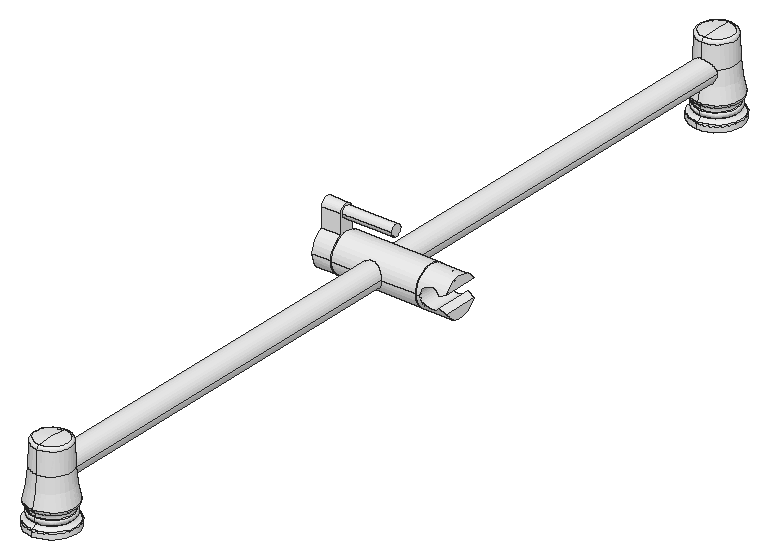
Revit family "Slide_Bar-American_Standard-Delancey-1660773_Series", category Plumbing Fixtures, host Face, Revit 2014
Parameters (values of type "1660773.002")
  Width = 4 13/16"  # constant formula
  Waste Connection = no
  Warranty Information = "Limited Lifetime Function and Finish Warranty"  # constant formula
  WFU = 4  # constant formula
  Vent Connection = no
  URL = "https://www.americanstandard-us.com/"
  Type Comments = ""
  Product Page URL = ""
  Product Documentation Link = ""
  Price = "Prices may vary. Please consult Manufacturer Representative for most up-to-date price list."  # constant formula
  Model = "1660773.002"
  Material = "Metal-American Standard-002-Polished Chrome"
  Manufacturer = "American Standard"  # constant formula
  Length = 2 7/8"  # constant formula
  Installation Type = "Wall Mounted"  # constant formula
  Height = 30 1/8"  # constant formula
  HWFU = 3  # constant formula
  HW Connection = yes
  Finish = Metal-American Standard-002-Polished Chrome
  Description = "Delancey Slide Bar"
  Default Elevation = 68"  # constant formula
  Creation Date = "02/13/2019"  # constant formula
  CWFU = 3  # constant formula
  CW Connection = yes
  Assembly Code = "D2020300"
  ADA Compliant = yes
Types (5): name | Model | Material | Finish
  (no name) | "1660773.002" | "Metal-American Standard-002-Polished Chrome" | Metal-American Standard-002-Polished Chrome
  1660773.002 | "1660773.002" | "Metal-American Standard-002-Polished Chrome" | Metal-American Standard-002-Polished Chrome
  1660773.013 | "1660773.013" | "Metal-American Standard-013-Polished Nickel" | Metal-American Standard-013-Polished Nickel
  1660773.295 | "1660773.295" | "Metal-American Standard-295-Brushed Nickel" | Metal-American Standard-295-Brushed Nickel
  1660773.278 | "1660773.278" | "Metal-American Standard-278-Legacy Bronze" | Metal-American Standard-278-Legacy Bronze
Reference planes (in)
  plane 1 "Center (Front/Back)": y = 0
  plane 2: z = 0
  plane 3 "Center (Left/Right)": x = 0
  plane 4: y = 15.0625
  plane 5: y = -15.0625
  plane 6: z = 2.875
  plane 7: x = -2.0625
  plane 8: z = 1.75
  plane 9: x = 2.75
Forms (in)
  Revolve 1, solid, material "Metal-American Standard-002-Polished Chrome" <- "Finish"
    sketch origin (0, 0, 0) x (0, 1, 0) y (0, 0, 1)
      loop
        line (15.0625, 0) -> (15.95567, 0) -> (15.95567, 0.18524)
        arc (15.95567, 0.18524) -> (15.94998, 0.20013) -> (15.93582, 0.20746) r 0.02236
        arc (15.93582, 0.20746) -> (15.83284, 0.25598) -> (15.7808, 0.35722) r 0.17678
        arc (15.7808, 0.35722) -> (15.78384, 0.37646) -> (15.79731, 0.39052) r 0.03256
        arc (15.79731, 0.39052) -> (15.83995, 0.46278) -> (15.79707, 0.5349) r 0.08232
        arc (15.79707, 0.5349) -> (15.78348, 0.54841) -> (15.77924, 0.5671) r 0.03435
        arc (15.77924, 0.5671) -> (15.80977, 0.67733) -> (15.88273, 0.76543) r 0.27349
        arc (15.88273, 0.76543) -> (15.90235, 0.79363) -> (15.90303, 0.82797) r 0.05924
        arc (15.90303, 0.82797) -> (15.78731, 1.36679) -> (15.74018, 1.91588) r 4.37988
        line (15.74018, 1.91588) -> (15.72208, 2.71405)
        arc (15.72208, 2.71405) -> (15.6948, 2.78554) -> (15.62849, 2.82373) r 0.11412
        arc (15.62849, 2.82373) -> (15.34666, 2.86216) -> (15.0625, 2.875) r 3.14988
        line (15.0625, 2.875) -> (15.0625, 0)
      axis (15.0625, 2.875) -> (15.0625, 0)
    angle from 0 to 360
  Revolve 2, solid, material "Metal-American Standard-002-Polished Chrome" <- "Finish"
    sketch origin (0, 0, 0) x (0, -1, 0) y (0, 0, 1)
      loop
        line (15.0625, 0) -> (15.95567, 0) -> (15.95567, 0.18524)
        arc (15.95567, 0.18524) -> (15.94998, 0.20013) -> (15.93582, 0.20746) r 0.02236
        arc (15.93582, 0.20746) -> (15.83284, 0.25598) -> (15.7808, 0.35722) r 0.17678
        arc (15.7808, 0.35722) -> (15.78384, 0.37646) -> (15.79731, 0.39052) r 0.03256
        arc (15.79731, 0.39052) -> (15.83995, 0.46278) -> (15.79707, 0.5349) r 0.08232
        arc (15.79707, 0.5349) -> (15.78348, 0.54841) -> (15.77924, 0.5671) r 0.03435
        arc (15.77924, 0.5671) -> (15.80977, 0.67733) -> (15.88273, 0.76543) r 0.27349
        arc (15.88273, 0.76543) -> (15.90235, 0.79363) -> (15.90303, 0.82797) r 0.05924
        arc (15.90303, 0.82797) -> (15.78731, 1.36679) -> (15.74018, 1.91588) r 4.37988
        line (15.74018, 1.91588) -> (15.72208, 2.71405)
        arc (15.72208, 2.71405) -> (15.6948, 2.78554) -> (15.62849, 2.82373) r 0.11412
        arc (15.62849, 2.82373) -> (15.34666, 2.86216) -> (15.0625, 2.875) r 3.14988
        line (15.0625, 2.875) -> (15.0625, 0)
      axis (15.0625, 2.875) -> (15.0625, 0)
    angle from 0 to 360
  Extrusion 3, solid, material "Metal-American Standard-002-Polished Chrome" <- "Finish"
    sketch origin (0, 0, 0) x (1, 0, 0) y (0, 0, 1)
      loop
        circle (0, 1.75) r 0.43048
    from -15.0625 to 15.0625
  Extrusion 4, solid, material "Metal-American Standard-002-Polished Chrome" <- "Finish"
    sketch origin (0, 0, 0) x (0, 1, 0) y (0, 0, 1)
      loop
        line (0.25, 1.75) -> (0.25, 3.07654)
        arc (0.25, 3.07654) -> (0, 3.32654) -> (-0.25, 3.07654) r 0.25
        line (-0.25, 3.07654) -> (-0.25, 1.75) -> (0.25, 1.75)
    from -2.0625 to -1.38015
  Extrusion 5, solid, material "Metal-American Standard-002-Polished Chrome" <- "Finish"
    sketch origin (0, 0, 0) x (0, 1, 0) y (0, 0, 1)
      loop
        circle (0, 3.07654) r 0.19597
    from -2.0625 to 0.42613
  Revolve 6, solid, material "Metal-American Standard-002-Polished Chrome" <- "Finish"
    sketch origin (0, 0, 1.75) x (1, 0, 0) y (0, 1, 0)
      loop
        line (1.68758, 0.69156) -> (-1.34651, 0.69156) -> (-1.34651, 0.64571) -> (-1.38015, 0.64571) -> (-1.38015, 0.69156) -> (-2.0625, 0.69156) -> (-2.0625, 0) -> (2.75, 0) -> (2.75, 0.69156) -> (1.72568, 0.69156) -> (1.72568, 0.6455) -> (1.68758, 0.6455) -> (1.68758, 0.69156)
      axis (2.75, 0) -> (-2.0625, 0)
    angle from 0 to 360
  Extrusion 7, void
    sketch origin (0, 0, 0) x (1, 0, 0) y (0, 0, 1)
      loop
        arc (2.50203, 1.95963) -> (1.84084, 1.75) -> (2.50203, 1.54037) r 0.36383
        line (2.50203, 1.54037) -> (2.81371, 1.39504) -> (2.81371, 2.10496) -> (2.50203, 1.95963)
    from -0.7582 to 0.87081
Cuts and joins
  Extrusion 7 cuts Revolve 1
  Extrusion 7 cuts Revolve 2
  Extrusion 7 cuts Extrusion 3
  Extrusion 7 cuts Extrusion 4
  Extrusion 7 cuts Extrusion 5
  Extrusion 7 cuts Revolve 6
  joined: Revolve 1, Revolve 2, Extrusion 3, Extrusion 4, Extrusion 5, Revolve 6
Lines and regions (in)
  Masking region 1
    outline origin (0, 0, 0) x (1, 0, 0) y (0, 0, 1)
      loop
        line (0.89317, 0) -> (0.89317, 0.1682)
        arc (0.89317, 0.1682) -> (0.88558, 0.18867) -> (0.86649, 0.19926) r 0.03141
        arc (0.86649, 0.19926) -> (0.76731, 0.24987) -> (0.71806, 0.34974) r 0.17678
        arc (0.71806, 0.34974) -> (0.72103, 0.36814) -> (0.7338, 0.38172) r 0.0318
        arc (0.7338, 0.38172) -> (0.78026, 0.45183) -> (0.75154, 0.53089) r 0.09345
        arc (0.75154, 0.53089) -> (0.73408, 0.55599) -> (0.7282, 0.58601) r 0.0743
        arc (0.7282, 0.58601) -> (0.75465, 0.68802) -> (0.82517, 0.76632) r 0.22193
        arc (0.82517, 0.76632) -> (0.84801, 0.80165) -> (0.83864, 0.84266) r 0.05412
        line (0.83864, 0.84266) -> (0.78442, 1.06013) -> (1.68758, 1.06013) -> (1.68758, 1.1045) -> (1.72568, 1.1045) -> (1.72568, 1.05844) -> (2.75, 1.05844) -> (2.75, 1.42474) -> (2.50203, 1.54037)
        arc (2.50203, 1.54037) -> (1.84084, 1.75) -> (2.50203, 1.95963) r 0.36383
        line (2.50203, 1.95963) -> (2.75, 2.07526) -> (2.75, 2.44156) -> (1.72568, 2.44156) -> (1.72568, 2.3955) -> (1.68758, 2.3955) -> (1.68758, 2.43987) -> (0.6645, 2.43987)
        arc (0.6645, 2.43987) -> (0.66275, 2.57883) -> (0.65612, 2.71764) r 3.95632
        arc (0.65612, 2.71764) -> (0.62726, 2.78654) -> (0.56212, 2.8231) r 0.11479
        arc (0.56212, 2.8231) -> (0, 2.8738) -> (-0.56212, 2.8231) r 3.14143
        arc (-0.56212, 2.8231) -> (-0.62726, 2.78654) -> (-0.65612, 2.71764) r 0.11479
        arc (-0.65612, 2.71764) -> (-0.66275, 2.57883) -> (-0.6645, 2.43987) r 3.95632
        line (-0.6645, 2.43987) -> (-1.34651, 2.43987) -> (-1.34651, 2.39571) -> (-1.38015, 2.39571) -> (-1.38015, 2.88057) -> (0.42613, 2.88057) -> (0.42613, 3.27252) -> (-1.38015, 3.27252) -> (-1.38015, 3.32654) -> (-2.0625, 3.32654) -> (-2.0625, 1.06013) -> (-1.38015, 1.06013) -> (-1.38015, 1.10429) -> (-1.34651, 1.10429) -> (-1.34651, 1.06013) -> (-0.78442, 1.06013) -> (-0.83864, 0.84266)
        arc (-0.83864, 0.84266) -> (-0.84801, 0.80165) -> (-0.82517, 0.76632) r 0.05412
        arc (-0.82517, 0.76632) -> (-0.75465, 0.68802) -> (-0.7282, 0.58601) r 0.22193
        arc (-0.7282, 0.58601) -> (-0.73408, 0.55599) -> (-0.75154, 0.53089) r 0.0743
        arc (-0.75154, 0.53089) -> (-0.78026, 0.45183) -> (-0.7338, 0.38172) r 0.09345
        arc (-0.7338, 0.38172) -> (-0.72103, 0.36814) -> (-0.71806, 0.34974) r 0.0318
        arc (-0.71806, 0.34974) -> (-0.76731, 0.24987) -> (-0.86649, 0.19926) r 0.17678
        arc (-0.86649, 0.19926) -> (-0.88558, 0.18867) -> (-0.89317, 0.1682) r 0.03141
        line (-0.89317, 0.1682) -> (-0.89317, 0) -> (0.89317, 0)
  symbolic lines, detail levels medium+fine
    curve 1: arc (0.6645, 0, 2.43987) -> (0.67819, 0, 1.74598) -> (0.78442, 0, 1.06013) r 5.18539
    curve 2: arc (-0.6645, 0, 2.43987) -> (-0.67819, 0, 1.74598) -> (-0.78442, 0, 1.06013) r 5.18539
  symbolic lines, detail levels fine
    curve 3: line (1.72568, 0, 1.1045) -> (1.72568, 0, 2.3955)
    curve 4: line (1.68758, 0, 2.3955) -> (1.68758, 0, 1.1045)
    curve 5: line (-1.34651, 0, 1.10429) -> (-1.34651, 0, 2.39571)
    curve 6: line (-1.38015, 0, 1.10429) -> (-1.38015, 0, 2.39571)
    curve 7: line (-1.38015, 0, 2.88057) -> (-1.38015, 0, 3.27252)
    curve 8: line (0.89317, 0, 0.1682) -> (-0.89317, 0, 0.1682)
    curve 9: line (0.7338, 0, 0.38172) -> (-0.71656, 0, 0.38172)
    curve 10: line (0.7282, 0, 0.58601) -> (-0.7282, 0, 0.58601)
    curve 11: line (0.82517, 0, 0.76632) -> (-0.82517, 0, 0.76632)
Dimensions and locks (in)
  equal spacing: plane 4, plane 1 "Center (Front/Back)", plane 5
  "Height": plane 4 to plane 5
  "Length": plane 6 to level
  locked: plane 7 to plane 3 "Center (Left/Right)" at 2.0625
  locked: plane 8 to level at 1.75
  "Width": plane 7 to plane 9
  aligned and locked: plane 2 to host face
  aligned and locked: level to host face
  aligned and locked: Extrusion 3 to plane 4
  aligned and locked: Extrusion 3 to plane 5
Automatic sketch dimensions
  host sketch curve to host sketch curve = 96"  (x2)
  Extrusion 3 sketch curve to plane 3 "Center (Left/Right)" = 0"
  Extrusion 3 sketch curve to plane 8 = 0"
  Extrusion 4 sketch curve to plane 8 = 0"
  Extrusion 4 sketch curve to plane 1 "Center (Front/Back)" = 0"
  plane 1 "Center (Front/Back)" to Extrusion 4 sketch curve = 1/4"
  plane 6 to Extrusion 4 sketch curve = 0.20154"
  Extrusion 5 sketch curve to plane 1 "Center (Front/Back)" = 0"
  plane 6 to Extrusion 5 sketch curve = 0.20154"
  plane 1 "Center (Front/Back)" to Revolve 6 sketch curve = 0"  (x2)
  Revolve 6 sketch curve to plane 7 = 0"
  Revolve 6 sketch curve to plane 9 = 0"
  plane 7 to Revolve 6 sketch curve = 0.68235"
  Revolve 6 sketch curve to Revolve 6 sketch curve = 0.03365"
  Revolve 6 sketch curve to plane 9 = 1.06242"
  Revolve 6 sketch curve to Revolve 6 sketch curve = 0.03809"
  Revolve 6 sketch curve to plane 1 "Center (Front/Back)" = 0.6455"
  Revolve 6 sketch curve to plane 1 "Center (Front/Back)" = 0.64571"
  Revolve 6 sketch curve to Revolve 6 sketch curve = 0.04585"
  Revolve 6 sketch curve to Revolve 6 sketch curve = 0.69156"  (x2)
  Revolve 6 sketch curve to plane 7 = 0.14217"
  Revolve 6 sketch curve to Revolve 6 sketch curve = 0.04509"
  Extrusion 7 sketch curve to plane 8 = 0"
  Extrusion 7 sketch curve to plane 9 = 0.54533"
  plane 9 to Extrusion 7 sketch curve = 0.06371"
  plane 8 to Extrusion 7 sketch curve = 0.35496"
  Extrusion 7 sketch curve to plane 8 = 0.20963"
  Extrusion 7 sketch curve to Extrusion 7 sketch curve = 0.14534"
  plane 8 to Extrusion 7 sketch curve = 0.20963"
  Extrusion 7 sketch curve to plane 9 = 0.24797"
  Extrusion 7 sketch curve to Extrusion 7 sketch curve = 0"
  Masking region 1 sketch curve to plane 7 = 0"
  Masking region 1 sketch curve to level = 0"
  Masking region 1 sketch curve to plane 3 "Center (Left/Right)" = 0"
  Masking region 1 sketch curve to plane 8 = 0"
  Masking region 1 sketch curve to plane 9 = 0"  (x2)
  Masking region 1 sketch curve to plane 6 = 0.41537"  (x2)
  plane 7 to Masking region 1 sketch curve = 0.68235"  (x2)
  Masking region 1 sketch curve to Masking region 1 sketch curve = 0"  (x13)
  Masking region 1 sketch curve to Masking region 1 sketch curve = 0.03365"  (x2)
  Masking region 1 sketch curve to Masking region 1 sketch curve = 0.3964"
  Masking region 1 sketch curve to Masking region 1 sketch curve = 0.05694"
  Masking region 1 sketch curve to Masking region 1 sketch curve = 0.03141"  (x2)
  Masking region 1 sketch curve to Masking region 1 sketch curve = 0.11147"
  Masking region 1 sketch curve to Masking region 1 sketch curve = 0.14761"  (x2)
  Masking region 1 sketch curve to Masking region 1 sketch curve = 0.04393"  (x2)
  Masking region 1 sketch curve to Masking region 1 sketch curve = 0.05422"
  Masking region 1 sketch curve to Masking region 1 sketch curve = 0.1436"  (x2)
  Masking region 1 sketch curve to Masking region 1 sketch curve = 0.0621"  (x2)
  Masking region 1 sketch curve to plane 6 = 0.16484"  (x2)
  Masking region 1 sketch curve to Masking region 1 sketch curve = 0.12292"  (x2)
  plane 6 to Masking region 1 sketch curve = 0.00557"
  Masking region 1 sketch curve to Masking region 1 sketch curve = 0.11545"
  plane 3 "Center (Left/Right)" to Masking region 1 sketch curve = 0.68746"
  Masking region 1 sketch curve to Masking region 1 sketch curve = 0.09696"
  Masking region 1 sketch curve to Masking region 1 sketch curve = 0.01029"
  Masking region 1 sketch curve to Masking region 1 sketch curve = 0.11504"
  Masking region 1 sketch curve to Masking region 1 sketch curve = 0.11219"
  Masking region 1 sketch curve to plane 6 = 0.4795"
  Masking region 1 sketch curve to Masking region 1 sketch curve = 1.02309"
  Masking region 1 sketch curve to Masking region 1 sketch curve = 0.84895"
  Masking region 1 sketch curve to Masking region 1 sketch curve = 0.03809"  (x2)
  Masking region 1 sketch curve to plane 9 = 0.54533"
  Masking region 1 sketch curve to plane 9 = 0.24797"  (x2)
  Masking region 1 sketch curve to level = 0.26763"
  level to Masking region 1 sketch curve = 0.1682"  (x2)
  Masking region 1 sketch curve to Masking region 1 sketch curve = 0.1859"  (x2)
  Masking region 1 sketch curve to Masking region 1 sketch curve = 0.01991"  (x2)
  Masking region 1 sketch curve to Masking region 1 sketch curve = 0.10877"  (x2)
  Masking region 1 sketch curve to Masking region 1 sketch curve = 0.20889"  (x2)
  Masking region 1 sketch curve to Masking region 1 sketch curve = 0.00206"  (x2)
  Masking region 1 sketch curve to Masking region 1 sketch curve = 0.22609"  (x2)
  Masking region 1 sketch curve to Masking region 1 sketch curve = 0.03161"  (x2)
  Masking region 1 sketch curve to plane 8 = 0.69156"
  Masking region 1 sketch curve to Masking region 1 sketch curve = 0.21746"
  Masking region 1 sketch curve to Masking region 1 sketch curve = 0.00169"
  Masking region 1 sketch curve to plane 8 = 0.68987"
  Masking region 1 sketch curve to Masking region 1 sketch curve = 0.04416"  (x2)
  Masking region 1 sketch curve to Masking region 1 sketch curve = 0.04437"
  Masking region 1 sketch curve to plane 8 = 0.32526"
  Masking region 1 sketch curve to plane 8 = 0.20963"
  Masking region 1 sketch curve to Masking region 1 sketch curve = 0.11563"
  Masking region 1 sketch curve to plane 6 = 0.47929"
  Masking region 1 sketch curve to plane 6 = 0.43513"
  Masking region 1 sketch curve to Masking region 1 sketch curve = 0.36631"
  Masking region 1 sketch curve to Masking region 1 sketch curve = 0.39195"
  Masking region 1 sketch curve to Masking region 1 sketch curve = 0.05403"
  Masking region 1 sketch curve to Masking region 1 sketch curve = 0.02334"
  Masking region 1 sketch curve to plane 6 = 0.0519"  (x2)
  Masking region 1 sketch curve to Masking region 1 sketch curve = 0.02054"
  Masking region 1 sketch curve to Masking region 1 sketch curve = 0.0315"
  Masking region 1 sketch curve to Masking region 1 sketch curve = 0.07429"
  Revolve 1 sketch curve to level = 0"
  Revolve 1 sketch curve to plane 4 = 0"  (x2)
  Revolve 1 sketch curve to plane 6 = 0"
  Revolve 1 sketch curve to plane 6 = 0.16353"
  Revolve 1 sketch curve to plane 4 = 0.54549"
  Revolve 1 sketch curve to plane 6 = 0.16095"
  Revolve 1 sketch curve to Revolve 1 sketch curve = 0.11409"
  plane 8 to Revolve 1 sketch curve = 0.16588"
  Revolve 1 sketch curve to plane 4 = 0.67768"
  Revolve 1 sketch curve to plane 4 = 0.69513"
  Revolve 1 sketch curve to Revolve 1 sketch curve = 0.05538"
  Revolve 1 sketch curve to Revolve 1 sketch curve = 0.05591"
  Revolve 1 sketch curve to Revolve 1 sketch curve = 0.03248"
  Revolve 1 sketch curve to Revolve 1 sketch curve = 0.1203"
  Revolve 1 sketch curve to Revolve 1 sketch curve = 0.02236"
  Revolve 1 sketch curve to Revolve 1 sketch curve = 0.14266"
  Revolve 1 sketch curve to Revolve 1 sketch curve = 0.09658"
  plane 8 to Revolve 1 sketch curve = 0.26519"
  Revolve 1 sketch curve to Revolve 1 sketch curve = 4.0667"
  Revolve 1 sketch curve to Revolve 1 sketch curve = 0.27488"
  level to Revolve 1 sketch curve = 0.18524"
  Revolve 1 sketch curve to Revolve 1 sketch curve = 0.17675"
  Revolve 1 sketch curve to Revolve 1 sketch curve = 0.02113"
  Revolve 1 sketch curve to Revolve 1 sketch curve = 0.10065"
  Revolve 1 sketch curve to Revolve 1 sketch curve = 0.1677"
  Revolve 1 sketch curve to Revolve 1 sketch curve = 0.10241"
  Revolve 1 sketch curve to Revolve 1 sketch curve = 0.24687"
  Revolve 1 sketch curve to Revolve 1 sketch curve = 0.03429"
  Revolve 1 sketch curve to Revolve 1 sketch curve = 0"  (x4)
  Revolve 1 sketch curve to Revolve 1 sketch curve = 0.03221"
  Revolve 1 sketch curve to Revolve 1 sketch curve = 0.61541"
  Revolve 1 sketch curve to Revolve 1 sketch curve = 0.3703"
  Revolve 2 sketch curve to level = 0"
  Revolve 2 sketch curve to plane 5 = 0"  (x2)
  Revolve 2 sketch curve to plane 6 = 0"
  plane 6 to Revolve 2 sketch curve = 0.16353"
  plane 5 to Revolve 2 sketch curve = 0.54549"
  plane 6 to Revolve 2 sketch curve = 0.16095"
  Revolve 2 sketch curve to Revolve 2 sketch curve = 0.11409"
  Revolve 2 sketch curve to plane 8 = 0.16588"
  plane 5 to Revolve 2 sketch curve = 0.67768"
  plane 5 to Revolve 2 sketch curve = 0.69513"
  Revolve 2 sketch curve to Revolve 2 sketch curve = 0.05538"
  Revolve 2 sketch curve to Revolve 2 sketch curve = 0.05591"
  Revolve 2 sketch curve to Revolve 2 sketch curve = 0.03248"
  Revolve 2 sketch curve to Revolve 2 sketch curve = 0.1203"
  Revolve 2 sketch curve to Revolve 2 sketch curve = 0.02236"
  Revolve 2 sketch curve to Revolve 2 sketch curve = 0.14266"
  Revolve 2 sketch curve to Revolve 2 sketch curve = 0.09658"
  Revolve 2 sketch curve to plane 8 = 0.26519"
  Revolve 2 sketch curve to Revolve 2 sketch curve = 4.0667"
  level to Revolve 2 sketch curve = 0.27488"
  Revolve 2 sketch curve to level = 0.18524"
  Revolve 2 sketch curve to Revolve 2 sketch curve = 0.17675"
  Revolve 2 sketch curve to Revolve 2 sketch curve = 0.02113"
  Revolve 2 sketch curve to Revolve 2 sketch curve = 0.10065"
  Revolve 2 sketch curve to Revolve 2 sketch curve = 0.1677"
  Revolve 2 sketch curve to Revolve 2 sketch curve = 0.10241"
  Revolve 2 sketch curve to Revolve 2 sketch curve = 0.24687"
  Revolve 2 sketch curve to Revolve 2 sketch curve = 0.03429"
  Revolve 2 sketch curve to Revolve 2 sketch curve = 0"  (x4)
  Revolve 2 sketch curve to Revolve 2 sketch curve = 0.03221"
  Revolve 2 sketch curve to Revolve 2 sketch curve = 0.61541"
  Revolve 2 sketch curve to Revolve 2 sketch curve = 0.3703"
  plane 8 to curve 2 = 0.44497"
  curve 2 to plane 7 = 3.7816"
  plane 8 to curve 1 = 0.44497"
  plane 9 to curve 1 = 3.0941"
  plane 7 to curve 7 = 0.68235"
  curve 7 to curve 6 = 0"
  curve 6 to curve 5 = 0.03365"
  level to curve 8 = 0.1682"
  curve 8 to plane 3 "Center (Left/Right)" = 0.89317"
  curve 8 to curve 11 = 0.06799"
  curve 11 to curve 2 = 0.04076"
  curve 11 to curve 10 = 0.09697"
  curve 10 to curve 9 = 0.01165"
  curve 2 to plane 6 = 0.43513"
  curve 2 to plane 3 "Center (Left/Right)" = 0.6645"
  plane 3 "Center (Left/Right)" to curve 1 = 0.6645"
  plane 3 "Center (Left/Right)" to curve 10 = 0.7282"
  curve 10 to curve 9 = 0.00559"
  curve 10 to curve 1 = 0.05621"
  curve 10 to curve 11 = 0.09697"
  curve 9 to curve 8 = 0.15937"
  curve 4 to plane 6 = 0.4795"
  curve 1 to curve 4 = 1.02309"
  curve 4 to curve 3 = 0.03809"
  curve 4 to plane 8 = 0.6455"
  curve 3 to curve 4 = 0"  (x2)
  curve 2 to curve 6 = 0.04416"
  curve 5 to curve 6 = 0"  (x2)
  curve 8 to curve 1 = 0.89192"
  curve 11 to curve 1 = 0.2938"
  curve 10 to curve 11 = 0.18032"
  curve 9 to curve 10 = 0.20429"
  curve 6 to plane 6 = 0.47929"
  plane 6 to curve 7 = 0.00557"
  curve 7 to curve 7 = 0.39195"
  radius of Extrusion 3 sketch curve = 0.43048"
  radius of Extrusion 5 sketch curve = 0.19597"
